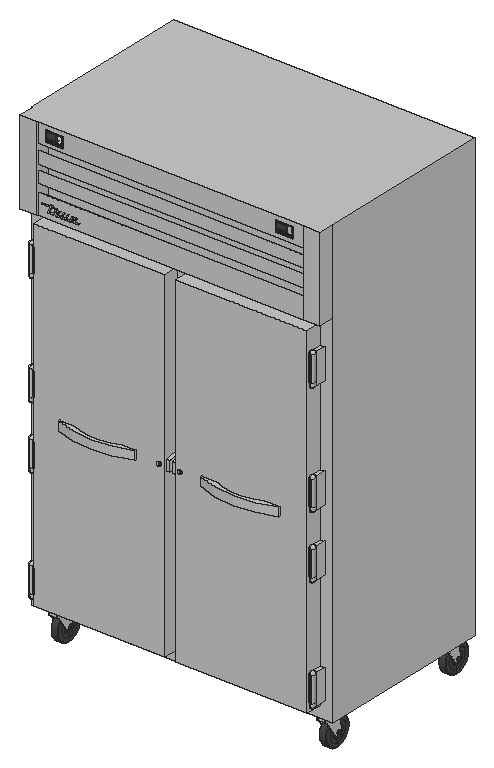
Revit family "QF_TRUE_STG2DT-2S", category Specialty Equipment, Revit 2012
Parameters
  Weight in Pounds = 0
  Watts = Volts * FL Amps  # 1334 W
  Volts = 115 V
  URL Cutsheet = "www.truemfg.com"
  URL = "www.truemfg.com"
  Type Mark [instance] = ""
  Type Comments = ""
  Status [instance] = ""
  Specification by User [instance] = ""
  Specification by Manufacturer = ""
  Show Seismic Flanged [instance] = no
  Show Logo [instance] = yes
  Show Legs [instance] = no
  Show Clearance [instance] = yes
  Serial Number = ""
  Seismic Rating = ""
  Seismic Plate [instance] = and(Show Seismic Flanged, not(Show Casters))  # no
  SMACNA No = ""
  Revision Code [instance] = ""
  Phase = 1
  Omniclass Number and Title = ""
  Number of Poles [instance] = 1
  NAFEM Spec ID Number = ""
  Model = "STG2DT-2S"
  Min Ckt Ampacity = 0 A
  Max Overcurrent Protection = 0 A
  Masterspec = ""
  Manufacturer = "TRUE FOOD SERVICE EQUIPMENT, INC."
  Length = 52 5/8"
  Legs [instance] = or(Show Legs, Show Seismic Flanged)  # no
  Item Number [instance] = ""
  Installed By [instance] = ""
  Identify Quantity as Lot [instance] = yes
  Height = 77 3/4"
  HP = ""
  Furnished By [instance] = ""
  Foodservice Equipment Identifier [instance] = yes
  FL Amps = 11.6 A
  Electrical Remarks [instance] = ""
  Electric Connection Type [instance] = ""
  Elec Conn RI Height [instance] = 0"
  Elec Conn Connection Height [instance] = 0"
  Description = "REACH-IN SOLID SWING DOOR DUAL TEMPERATURE REFRIGERATOR/FREEZER WITH LED LIGHTING"
  Depth = 33 3/4"
  Cycle = 60 Hz
  Conn Plug = "5-20P"
  Conn Conduit = yes
  Show Casters [instance] = and(not(if(Show Legs, Show Legs, Show Legs)), not(if(Show Legs, Show Legs, Show Seismic Flanged)))  # yes
  CSI MasterFormat = ""
  CSI Master Format = ""
  Apparent Power = if(Phase = 3, Volts * FL Amps * 1.73, Volts * FL Amps)  # 1334 VA
Reference planes (in)
  plane 1 "BACK": y = 0
  plane 2: z = 0
  plane 3 "LEFT": x = 0
  plane 4 "RIGHT": x = 52.625
  plane 5 "FRONT": y = -33.75
  plane 6 "TOP": z = 84.125
  plane 7: z = 6.125
  plane 8: x = 26.3125
  plane 9: x = 3
  plane 10: y = -33.7042
  plane 11: x = 26.46875
  plane 12: y = -56.78125
Forms (in)
  Extrusion 1, solid, material "QF_Finishes_Stainless Steel"
    sketch origin (0.05, 0, 0) x (1, 0, 0) y (0, 1, 0)
      loop
        line (-0.05, 0) -> (-0.05, -31) -> (2.35625, -31) -> (2.35625, 0) -> (-0.05, 0)
    from 6.125 to 84.125
  Extrusion 2, solid, material "QF_Finishes_Stainless Steel"
    sketch origin (50.15, 0, 0) x (1, 0, 0) y (0, 1, 0)
      loop
        line (0.225, 0) -> (0.225, -31) -> (2.475, -31) -> (2.475, 0) -> (0.225, 0)
    from 6.125 to 84.125
  Extrusion 3, solid, material "QF_Finishes_Stainless Steel"
    sketch origin (0, 0, 0) x (0, 1, 0) y (0, 0, 1)
      loop
        line (-33.7042, 69.5) -> (-31, 69.5) -> (-31, 6.125) -> (0, 6.125) -> (0, 84.125) -> (-33.7042, 84.125) -> (-33.7042, 80.78078) -> (-31.5, 79.21352) -> (-31.5, 78.09125) -> (-33.7042, 79.65851) -> (-33.7042, 77.5248) -> (-31.5, 75.95754) -> (-31.5, 74.99678) -> (-33.7042, 76.56404) -> (-33.7042, 74.46784) -> (-31.5, 72.90057) -> (-31.5, 71.625) -> (-33.7042, 73.19226) -> (-33.7042, 69.5)
    from 2.25 to 50.375
  Extrusion 4, solid, material "QF_Finishes_Stainless Steel"
    sketch origin (0, 0, 0) x (1, 0, 0) y (0, 1, 0)
      loop
        line (52.54687, -31) -> (49.66032, -31) -> (49.66032, -33.75) -> (52.54687, -33.75) -> (52.54687, -31)
    from 69.5 to 84.125
  Extrusion 5, solid, material "QF_Finishes_Stainless Steel"
    sketch origin (-50.125, 0, 0.25) x (1, 0, 0) y (0, 1, 0)
      loop
        line (53.20984, -31) -> (50.20312, -31) -> (50.20312, -33.75) -> (53.20984, -33.75) -> (53.20984, -31)
    from 69.25 to 83.875
  Extrusion 6, solid, material "QF_Finishes_Stainless Steel"
    sketch origin (0, 0, -0.71875) x (1, 0, 0) y (0, 0, 1)
      loop
        line (2.4375, 68.6875) -> (2.4375, 8.75) -> (25.375, 8.75) -> (25.375, 68.6875) -> (2.4375, 68.6875)
      loop
        line (50.34375, 68.6875) -> (27.40625, 68.6875) -> (27.40625, 8.75) -> (50.34375, 8.75) -> (50.34375, 68.6875)
    from 31 to 33.75
  Extrusion 7, solid, material "QF_Finishes_Stainless Steel"
    sketch origin (85.79375, -0.25, 26.37269) x (1, 0, 0) y (0, 1, 0)
      loop
        line (-53.875, -33.5) -> (-53.875, -33.7)
        arc (-53.875, -33.7) -> (-47.075, -35.14405) -> (-40.275, -33.7) r 16.7325
        line (-40.275, -33.7) -> (-40.275, -33.5) -> (-42.675, -33.5)
        arc (-42.675, -33.5) -> (-47.075, -34.65816) -> (-51.475, -33.5) r 8.93715
        line (-51.475, -33.5) -> (-53.875, -33.5)
    from 10.87731 to 12.37731
  Extrusion 8, solid, material "QF_Finishes_Stainless Steel"
    sketch origin (1.75, 0, -2) x (1, 0, 0) y (0, 0, 1)
      loop
        circle (22.6875, 40.0625) r 0.35
      loop
        line (22.65235, 40.33635) -> (22.65235, 39.76895) -> (22.70785, 39.76895) -> (22.70785, 40.33635) -> (22.65235, 40.33635)
      loop
        circle (26.3125, 40.0625) r 0.35
      loop
        line (26.34765, 40.33635) -> (26.29215, 40.33635) -> (26.29215, 39.76895) -> (26.34765, 39.76895) -> (26.34765, 40.33635)
    from 33.5 to 33.83066
  Extrusion 9, solid, material "QF_Finishes_Stainless Steel", visible <- "Show Logo"
    sketch origin (0.33478, 1.08173, -6.73143) x (1, 0, 0) y (0, 0, 1)
      loop
        line (3.61669, 78.46231) -> (3.51103, 78.23573) -> (4.91652, 78.23573)
        arc (4.91652, 78.23573) -> (4.94504, 78.18528) -> (4.91652, 78.13484) r 0.05887
        line (4.91652, 78.13484) -> (4.54994, 77.34872)
        arc (4.54994, 77.34872) -> (4.54676, 77.27591) -> (4.596, 77.22217) r 0.09523
        line (4.596, 77.22217) -> (5.49469, 77.22217)
        arc (5.49469, 77.22217) -> (5.60817, 77.25795) -> (5.68061, 77.35235) r 0.19785
        line (5.68061, 77.35235) -> (5.9691, 77.97101) -> (6.23415, 77.97101)
        arc (6.23415, 77.97101) -> (6.30369, 77.94543) -> (6.29362, 77.87203) r 0.05911
        line (6.29362, 77.87203) -> (6.05223, 77.35437)
        arc (6.05223, 77.35437) -> (6.05599, 77.2684) -> (6.12856, 77.22217) r 0.09318
        line (6.12856, 77.22217) -> (6.91823, 77.22217)
        arc (6.91823, 77.22217) -> (6.97874, 77.24419) -> (7.01093, 77.29995) r 0.09412
        arc (7.01093, 77.29995) -> (7.03371, 77.24495) -> (7.08871, 77.22217) r 0.07778
        line (7.08871, 77.22217) -> (7.58871, 77.22217)
        arc (7.58871, 77.22217) -> (7.64647, 77.23765) -> (7.68876, 77.27993) r 0.11552
        arc (7.68876, 77.27993) -> (7.709, 77.23106) -> (7.75787, 77.21081) r 0.06912
        line (7.75787, 77.21081) -> (8.4685, 77.21081)
        arc (8.4685, 77.21081) -> (8.52659, 77.23488) -> (8.55066, 77.29297) r 0.08216
        arc (8.55066, 77.29297) -> (8.60392, 77.23972) -> (8.67667, 77.22022) r 0.14551
        line (8.67667, 77.22022) -> (10.00783, 77.22022) -> (10.15571, 77.47634) -> (8.81303, 77.47634)
        arc (8.81303, 77.47634) -> (8.77597, 77.50204) -> (8.77459, 77.54711) r 0.05009
        line (8.77459, 77.54711) -> (8.79782, 77.59692)
        arc (8.79782, 77.59692) -> (8.83348, 77.64364) -> (8.88952, 77.66135) r 0.09747
        line (8.88952, 77.66135) -> (9.3211, 77.66135)
        arc (9.3211, 77.66135) -> (9.41425, 77.68631) -> (9.48244, 77.7545) r 0.1863
        line (9.48244, 77.7545) -> (9.60744, 77.97101)
        arc (9.60744, 77.97101) -> (9.60744, 78.08657) -> (9.50736, 78.14434) r 0.11556
        line (9.50736, 78.14434) -> (9.05187, 78.14434)
        arc (9.05187, 78.14434) -> (8.93575, 78.12462) -> (8.85474, 78.03912) r 0.18605
        line (8.85474, 78.03912) -> (8.63829, 77.57493)
        arc (8.63829, 77.57493) -> (8.5744, 77.49167) -> (8.47431, 77.46011) r 0.1745
        line (8.47431, 77.46011) -> (8.00184, 77.46011)
        arc (8.00184, 77.46011) -> (7.94528, 77.52184) -> (7.94893, 77.60548) r 0.10939
        line (7.94893, 77.60548) -> (8.2002, 78.14434) -> (8.04028, 78.14434) -> (7.77406, 77.57344)
        arc (7.77406, 77.57344) -> (7.72234, 77.50603) -> (7.6413, 77.48048) r 0.14128
        line (7.6413, 77.48048) -> (7.3155, 77.48048)
        arc (7.3155, 77.48048) -> (7.26044, 77.55223) -> (7.27225, 77.64189) r 0.11816
        line (7.27225, 77.64189) -> (7.50655, 78.14434) -> (7.34139, 78.14434) -> (7.07171, 77.566)
        arc (7.07171, 77.566) -> (7.0091, 77.50339) -> (6.92358, 77.48048) r 0.17104
        line (6.92358, 77.48048) -> (6.4518, 77.48048)
        arc (6.4518, 77.48048) -> (6.36707, 77.51999) -> (6.35892, 77.61313) r 0.0935
        line (6.35892, 77.61313) -> (6.51399, 77.94569) -> (6.7332, 77.94569)
        arc (6.7332, 77.94569) -> (6.7702, 78.05717) -> (6.84892, 78.14434) r 0.2857
        line (6.84892, 78.14434) -> (5.9923, 78.14434)
        arc (5.9923, 78.14434) -> (5.89711, 78.12324) -> (5.83123, 78.05135) r 0.16212
        line (5.83123, 78.05135) -> (5.59904, 77.55341)
        arc (5.59904, 77.55341) -> (5.54565, 77.50002) -> (5.47272, 77.48048) r 0.14586
        line (5.47272, 77.48048) -> (4.96131, 77.48048)
        arc (4.96131, 77.48048) -> (4.92139, 77.53442) -> (4.92899, 77.60109) r 0.09155
        line (4.92899, 77.60109) -> (5.26643, 78.23573) -> (6.1178, 78.23573) -> (6.22346, 78.46231) -> (5.37209, 78.46231) -> (5.47774, 78.68888) -> (5.17487, 78.68888) -> (5.06922, 78.46231) -> (3.61669, 78.46231)
      loop
        arc (8.9943, 77.93863) -> (8.95744, 77.92875) -> (8.93045, 77.90176) r 0.07373
        line (8.93045, 77.90176) -> (8.90854, 77.83436)
        arc (8.90854, 77.83436) -> (8.9187, 77.80983) -> (8.94324, 77.79966) r 0.0347
        line (8.94324, 77.79966) -> (9.31573, 77.79966)
        arc (9.31573, 77.79966) -> (9.34257, 77.80561) -> (9.36437, 77.82234) r 0.0635
        line (9.36437, 77.82234) -> (9.38249, 77.90622)
        arc (9.38249, 77.90622) -> (9.37716, 77.92868) -> (9.35634, 77.93863) r 0.02676
        line (9.35634, 77.93863) -> (8.9943, 77.93863)
    from 34.76797 to 34.83173
  Extrusion 10, solid, material "QF_Finishes_Stainless Steel"
    sketch origin (0, 0, 0) x (1, 0, 0) y (0, 0, 1)
      loop
        circle (49.53125, 82) r 0.25
    from 0 to 0.0625
  Extrusion 11, solid, material "QF_Finishes_Stainless Steel"
    sketch origin (-33.325, -0.25, 26.37269) x (1, 0, 0) y (0, 1, 0)
      loop
        line (53.71875, -33.5) -> (51.31875, -33.5)
        arc (51.31875, -33.5) -> (47.075, -34.58228) -> (42.83125, -33.5) r 8.86127
        line (42.83125, -33.5) -> (40.43125, -33.5) -> (40.43125, -33.7)
        arc (40.43125, -33.7) -> (47.075, -35.08117) -> (53.71875, -33.7) r 16.66961
        line (53.71875, -33.7) -> (53.71875, -33.5)
    from 10.87731 to 12.37731
  Blend 12, solid, material "QF_Finishes_Stainless Steel"
    base sketch origin (0.125, 0, 0) x (1, 0, 0) y (0, 0, 1)
      loop
        line (25.25, 38.99169) -> (25.25, 37.24169) -> (26, 37.24169) -> (26, 38.99169) -> (25.25, 38.99169)
    top sketch origin (0.125, 0, 0) x (1, 0, 0) y (0, 0, 1)
      loop
        line (26.18223, 36.6441) -> (26.18223, 39.42643) -> (25.25, 39.42643) -> (25.25, 36.6441) -> (26.18223, 36.6441)
    from 33.57883 to 31
  Blend 13, solid, material "QF_Finishes_Stainless Steel"
    base sketch origin (52.65625, 0, 0) x (-1, 0, 0) y (0, 0, -1)
      loop
        line (25.25, -38.99169) -> (26, -38.99169) -> (26, -37.24169) -> (25.25, -37.24169) -> (25.25, -38.99169)
    top sketch origin (52.65625, 0, 0) x (-1, 0, 0) y (0, 0, -1)
      loop
        line (26.18223, -36.6441) -> (25.25, -36.6441) -> (25.25, -39.42643) -> (26.18223, -39.42643) -> (26.18223, -36.6441)
    from 33.57883 to 31
  Extrusion 14, solid, material "QF_Finishes_Stainless Steel"
    sketch origin (1.28125, 0, 0) x (0, 1, 0) y (0, 0, 1)
      loop
        line (-31, 64.55229) -> (-32.61044, 64.55229)
        arc (-32.61044, 64.55229) -> (-32.75506, 64.49238) -> (-32.81497, 64.34776) r 0.20453
        line (-32.81497, 64.34776) -> (-32.81497, 59.94848) -> (-33.25, 59.94848) -> (-33.25, 59.23627) -> (-31, 59.23627) -> (-31, 64.55229)
    from 0.17506 to 1
  Revolve 15, solid, material "QF_Finishes_Stainless Steel"
    sketch origin (1.78125, 0, 0) x (0, 1, 0) y (0, 0, 1)
      loop
        line (-33.26563, 60.00189) -> (-33.26563, 64.81483)
        arc (-33.26563, 64.81483) -> (-33.53722, 64.72557) -> (-33.67229, 64.4736) r 0.3848
        line (-33.67229, 64.4736) -> (-33.67229, 60.00189) -> (-33.26563, 60.00189)
      loop
        line (-33.26563, 59.94848) -> (-33.67229, 59.94848) -> (-33.67229, 59.37712)
        arc (-33.67229, 59.37712) -> (-33.53264, 59.13383) -> (-33.26563, 59.04781) r 0.38884
        line (-33.26563, 59.04781) -> (-33.26563, 59.94848)
      axis (-33.26563, 59.04781) -> (-33.26563, 64.81483)
    angle from 0 to 360
  Extrusion 16, solid, material "QF_Finishes_Stainless Steel"
    sketch origin (-0.03125, 0, 0) x (1, 0, 0) y (0, 0, 1)
      loop
        line (2.07116, 64.4736) -> (2.07116, 60.00079) -> (2.46875, 60.00079) -> (2.46875, 64.4736) -> (2.07116, 64.4736)
    from 32.81497 to 33.59495
  Extrusion 17, solid, material "QF_Finishes_Stainless Steel"
    sketch origin (1.28125, 0, -19.5) x (0, 1, 0) y (0, 0, 1)
      loop
        line (-31, 64.55229) -> (-32.61044, 64.55229)
        arc (-32.61044, 64.55229) -> (-32.75506, 64.49238) -> (-32.81497, 64.34776) r 0.20453
        line (-32.81497, 64.34776) -> (-32.81497, 59.94848) -> (-33.25, 59.94848) -> (-33.25, 59.23627) -> (-31, 59.23627) -> (-31, 64.55229)
    from 0.17506 to 1
  Revolve 18, solid, material "QF_Finishes_Stainless Steel"
    sketch origin (1.78125, 0, -19.5) x (0, 1, 0) y (0, 0, 1)
      loop
        line (-33.26563, 60.00189) -> (-33.26563, 64.81483)
        arc (-33.26563, 64.81483) -> (-33.53722, 64.72557) -> (-33.67229, 64.4736) r 0.3848
        line (-33.67229, 64.4736) -> (-33.67229, 60.00189) -> (-33.26563, 60.00189)
      loop
        line (-33.26563, 59.94848) -> (-33.67229, 59.94848) -> (-33.67229, 59.37712)
        arc (-33.67229, 59.37712) -> (-33.53264, 59.13383) -> (-33.26563, 59.04781) r 0.38884
        line (-33.26563, 59.04781) -> (-33.26563, 59.94848)
      axis (-33.26563, 59.04781) -> (-33.26563, 64.81483)
    angle from 0 to 360
  Extrusion 19, solid, material "QF_Finishes_Stainless Steel"
    sketch origin (-0.03125, 0, -19.5) x (1, 0, 0) y (0, 0, 1)
      loop
        line (2.07116, 64.4736) -> (2.07116, 60.00079) -> (2.46875, 60.00079) -> (2.46875, 64.4736) -> (2.07116, 64.4736)
    from 32.81497 to 33.59495
  Extrusion 20, solid, material "QF_Finishes_Stainless Steel"
    sketch origin (1.28125, 0, -30.5) x (0, 1, 0) y (0, 0, 1)
      loop
        line (-31, 64.55229) -> (-32.61044, 64.55229)
        arc (-32.61044, 64.55229) -> (-32.75506, 64.49238) -> (-32.81497, 64.34776) r 0.20453
        line (-32.81497, 64.34776) -> (-32.81497, 59.94848) -> (-33.25, 59.94848) -> (-33.25, 59.23627) -> (-31, 59.23627) -> (-31, 64.55229)
    from 0.17506 to 1
  Revolve 21, solid, material "QF_Finishes_Stainless Steel"
    sketch origin (1.78125, 0, -30.5) x (0, 1, 0) y (0, 0, 1)
      loop
        line (-33.26563, 60.00189) -> (-33.26563, 64.81483)
        arc (-33.26563, 64.81483) -> (-33.53722, 64.72557) -> (-33.67229, 64.4736) r 0.3848
        line (-33.67229, 64.4736) -> (-33.67229, 60.00189) -> (-33.26563, 60.00189)
      loop
        line (-33.26563, 59.94848) -> (-33.67229, 59.94848) -> (-33.67229, 59.37712)
        arc (-33.67229, 59.37712) -> (-33.53264, 59.13383) -> (-33.26563, 59.04781) r 0.38884
        line (-33.26563, 59.04781) -> (-33.26563, 59.94848)
      axis (-33.26563, 59.04781) -> (-33.26563, 64.81483)
    angle from 0 to 360
  Extrusion 22, solid, material "QF_Finishes_Stainless Steel"
    sketch origin (-0.03125, 0, -30.5) x (1, 0, 0) y (0, 0, 1)
      loop
        line (2.07116, 64.4736) -> (2.07116, 60.00079) -> (2.46875, 60.00079) -> (2.46875, 64.4736) -> (2.07116, 64.4736)
    from 32.81497 to 33.59495
  Extrusion 23, solid, material "QF_Finishes_Stainless Steel"
    sketch origin (1.28125, 0, -50.25) x (0, 1, 0) y (0, 0, 1)
      loop
        line (-31, 64.55229) -> (-32.61044, 64.55229)
        arc (-32.61044, 64.55229) -> (-32.75506, 64.49238) -> (-32.81497, 64.34776) r 0.20453
        line (-32.81497, 64.34776) -> (-32.81497, 59.94848) -> (-33.25, 59.94848) -> (-33.25, 59.23627) -> (-31, 59.23627) -> (-31, 64.55229)
    from 0.17506 to 1
  Revolve 24, solid, material "QF_Finishes_Stainless Steel"
    sketch origin (1.78125, 0, -50.25) x (0, 1, 0) y (0, 0, 1)
      loop
        line (-33.26563, 60.00189) -> (-33.26563, 64.81483)
        arc (-33.26563, 64.81483) -> (-33.53722, 64.72557) -> (-33.67229, 64.4736) r 0.3848
        line (-33.67229, 64.4736) -> (-33.67229, 60.00189) -> (-33.26563, 60.00189)
      loop
        line (-33.26563, 59.94848) -> (-33.67229, 59.94848) -> (-33.67229, 59.37712)
        arc (-33.67229, 59.37712) -> (-33.53264, 59.13383) -> (-33.26563, 59.04781) r 0.38884
        line (-33.26563, 59.04781) -> (-33.26563, 59.94848)
      axis (-33.26563, 59.04781) -> (-33.26563, 64.81483)
    angle from 0 to 360
  Extrusion 25, solid, material "QF_Finishes_Stainless Steel"
    sketch origin (-0.03125, 0, -50.25) x (1, 0, 0) y (0, 0, 1)
      loop
        line (2.07116, 64.4736) -> (2.07116, 60.00079) -> (2.46875, 60.00079) -> (2.46875, 64.4736) -> (2.07116, 64.4736)
    from 32.81497 to 33.59495
  Extrusion 26, solid, material "QF_Finishes_Stainless Steel"
    sketch origin (51.34375, 0, 0) x (0, 1, 0) y (0, 0, -1)
      loop
        line (-31, -64.55229) -> (-31, -59.23627) -> (-33.25, -59.23627) -> (-33.25, -59.94848) -> (-32.81497, -59.94848) -> (-32.81497, -64.34776)
        arc (-32.81497, -64.34776) -> (-32.75506, -64.49238) -> (-32.61044, -64.55229) r 0.20453
        line (-32.61044, -64.55229) -> (-31, -64.55229)
    from 0.17506 to 1
  Revolve 27, solid, material "QF_Finishes_Stainless Steel"
    sketch origin (50.84375, 0, 0) x (0, 1, 0) y (0, 0, -1)
      loop
        line (-33.26563, -60.00189) -> (-33.67229, -60.00189) -> (-33.67229, -64.4736)
        arc (-33.67229, -64.4736) -> (-33.53722, -64.72557) -> (-33.26563, -64.81483) r 0.3848
        line (-33.26563, -64.81483) -> (-33.26563, -60.00189)
      loop
        line (-33.26563, -59.94848) -> (-33.26563, -59.04781)
        arc (-33.26563, -59.04781) -> (-33.53264, -59.13383) -> (-33.67229, -59.37712) r 0.38884
        line (-33.67229, -59.37712) -> (-33.67229, -59.94848) -> (-33.26563, -59.94848)
      axis (-33.26563, -59.04781) -> (-33.26563, -64.81483)
    angle from 0 to 360
  Extrusion 28, solid, material "QF_Finishes_Stainless Steel"
    sketch origin (52.65625, 0, 0) x (-1, 0, 0) y (0, 0, -1)
      loop
        line (1.75866, -64.4736) -> (2.15625, -64.4736) -> (2.15625, -60.00079) -> (1.75866, -60.00079) -> (1.75866, -64.4736)
    from 32.81497 to 33.59495
  Extrusion 29, solid, material "QF_Finishes_Stainless Steel"
    sketch origin (51.34375, 0, -19.5) x (0, 1, 0) y (0, 0, -1)
      loop
        line (-31, -64.55229) -> (-31, -59.23627) -> (-33.25, -59.23627) -> (-33.25, -59.94848) -> (-32.81497, -59.94848) -> (-32.81497, -64.34776)
        arc (-32.81497, -64.34776) -> (-32.75506, -64.49238) -> (-32.61044, -64.55229) r 0.20453
        line (-32.61044, -64.55229) -> (-31, -64.55229)
    from 0.17506 to 1
  Revolve 30, solid, material "QF_Finishes_Stainless Steel"
    sketch origin (50.84375, 0, -19.5) x (0, 1, 0) y (0, 0, -1)
      loop
        line (-33.26563, -60.00189) -> (-33.67229, -60.00189) -> (-33.67229, -64.4736)
        arc (-33.67229, -64.4736) -> (-33.53722, -64.72557) -> (-33.26563, -64.81483) r 0.3848
        line (-33.26563, -64.81483) -> (-33.26563, -60.00189)
      loop
        line (-33.26563, -59.94848) -> (-33.26563, -59.04781)
        arc (-33.26563, -59.04781) -> (-33.53264, -59.13383) -> (-33.67229, -59.37712) r 0.38884
        line (-33.67229, -59.37712) -> (-33.67229, -59.94848) -> (-33.26563, -59.94848)
      axis (-33.26563, -59.04781) -> (-33.26563, -64.81483)
    angle from 0 to 360
  Extrusion 31, solid, material "QF_Finishes_Stainless Steel"
    sketch origin (52.65625, 0, -19.5) x (-1, 0, 0) y (0, 0, -1)
      loop
        line (1.75866, -64.4736) -> (2.15625, -64.4736) -> (2.15625, -60.00079) -> (1.75866, -60.00079) -> (1.75866, -64.4736)
    from 32.81497 to 33.59495
  Extrusion 32, solid, material "QF_Finishes_Stainless Steel"
    sketch origin (51.34375, 0, -30.5) x (0, 1, 0) y (0, 0, -1)
      loop
        line (-31, -64.55229) -> (-31, -59.23627) -> (-33.25, -59.23627) -> (-33.25, -59.94848) -> (-32.81497, -59.94848) -> (-32.81497, -64.34776)
        arc (-32.81497, -64.34776) -> (-32.75506, -64.49238) -> (-32.61044, -64.55229) r 0.20453
        line (-32.61044, -64.55229) -> (-31, -64.55229)
    from 0.17506 to 1
  Revolve 33, solid, material "QF_Finishes_Stainless Steel"
    sketch origin (50.84375, 0, -30.5) x (0, 1, 0) y (0, 0, -1)
      loop
        line (-33.26563, -60.00189) -> (-33.67229, -60.00189) -> (-33.67229, -64.4736)
        arc (-33.67229, -64.4736) -> (-33.53722, -64.72557) -> (-33.26563, -64.81483) r 0.3848
        line (-33.26563, -64.81483) -> (-33.26563, -60.00189)
      loop
        line (-33.26563, -59.94848) -> (-33.26563, -59.04781)
        arc (-33.26563, -59.04781) -> (-33.53264, -59.13383) -> (-33.67229, -59.37712) r 0.38884
        line (-33.67229, -59.37712) -> (-33.67229, -59.94848) -> (-33.26563, -59.94848)
      axis (-33.26563, -59.04781) -> (-33.26563, -64.81483)
    angle from 0 to 360
  Extrusion 34, solid, material "QF_Finishes_Stainless Steel"
    sketch origin (52.65625, 0, -30.5) x (-1, 0, 0) y (0, 0, -1)
      loop
        line (1.75866, -64.4736) -> (2.15625, -64.4736) -> (2.15625, -60.00079) -> (1.75866, -60.00079) -> (1.75866, -64.4736)
    from 32.81497 to 33.59495
  Extrusion 35, solid, material "QF_Finishes_Stainless Steel"
    sketch origin (51.34375, 0, -50.25) x (0, 1, 0) y (0, 0, -1)
      loop
        line (-31, -64.55229) -> (-31, -59.23627) -> (-33.25, -59.23627) -> (-33.25, -59.94848) -> (-32.81497, -59.94848) -> (-32.81497, -64.34776)
        arc (-32.81497, -64.34776) -> (-32.75506, -64.49238) -> (-32.61044, -64.55229) r 0.20453
        line (-32.61044, -64.55229) -> (-31, -64.55229)
    from 0.17506 to 1
  Revolve 36, solid, material "QF_Finishes_Stainless Steel"
    sketch origin (50.84375, 0, -50.25) x (0, 1, 0) y (0, 0, -1)
      loop
        line (-33.26563, -60.00189) -> (-33.67229, -60.00189) -> (-33.67229, -64.4736)
        arc (-33.67229, -64.4736) -> (-33.53722, -64.72557) -> (-33.26563, -64.81483) r 0.3848
        line (-33.26563, -64.81483) -> (-33.26563, -60.00189)
      loop
        line (-33.26563, -59.94848) -> (-33.26563, -59.04781)
        arc (-33.26563, -59.04781) -> (-33.53264, -59.13383) -> (-33.67229, -59.37712) r 0.38884
        line (-33.67229, -59.37712) -> (-33.67229, -59.94848) -> (-33.26563, -59.94848)
      axis (-33.26563, -59.04781) -> (-33.26563, -64.81483)
    angle from 0 to 360
  Extrusion 37, solid, material "QF_Finishes_Stainless Steel"
    sketch origin (52.65625, 0, -50.25) x (-1, 0, 0) y (0, 0, -1)
      loop
        line (1.75866, -64.4736) -> (2.15625, -64.4736) -> (2.15625, -60.00079) -> (1.75866, -60.00079) -> (1.75866, -64.4736)
    from 32.81497 to 33.59495
  Revolve 38, solid, material "QF_Finishes_Black", visible <- "Show Casters"
    sketch origin (47.78125, -27.375, 0) x (1, 0, 0) y (0, 0, 1)
      loop
        line (1.63125, 5) -> (1.53125, 4.9) -> (1.53125, 4.29941) -> (1.69226, 4.29941) -> (1.69226, 3.54941) -> (1.53125, 3.54941) -> (1.53125, 2.79941) -> (1.13125, 2.79941) -> (1.13125, 2.5) -> (3.18125, 2.5) -> (3.18125, 2.79941) -> (2.78533, 2.79941) -> (2.78533, 3.54941) -> (2.62024, 3.54941) -> (2.62024, 4.29941) -> (2.78533, 4.29941) -> (2.78533, 4.89592) -> (2.68125, 5) -> (1.63125, 5)
      axis (3.18125, 2.5) -> (1.13125, 2.5)
    angle from 0 to 360
  Extrusion 39, solid, material "QF_Finishes_Stainless Steel", visible <- "Show Casters"
    sketch origin (47.78125, 0, 0) x (0, 1, 0) y (0, 0, 1)
      loop
        line (-29.95136, 5.48574) -> (-29.95136, 4.88089) -> (-29.70136, 4.88089) -> (-27.95216, 2.18736)
        arc (-27.95216, 2.18736) -> (-27.23883, 1.94868) -> (-26.84581, 2.59003) r 0.60416
        line (-26.84581, 2.59003) -> (-27.20136, 5.48574) -> (-29.95136, 5.48574)
      loop
        line (-3.8577, 5.48574) -> (-3.8577, 4.88089) -> (-3.6077, 4.88089) -> (-1.8585, 2.18736)
        arc (-1.8585, 2.18736) -> (-1.14517, 1.94868) -> (-0.75215, 2.59003) r 0.60416
        line (-0.75215, 2.59003) -> (-1.1077, 5.48574) -> (-3.8577, 5.48574)
    from 1.175 to 1.325
  Extrusion 40, solid, material "QF_Finishes_Stainless Steel", visible <- "Show Casters"
    sketch origin (49.28125, 0, 0) x (0, 1, 0) y (0, 0, 1)
      loop
        line (-29.95136, 5.48574) -> (-29.95136, 4.88089) -> (-29.70136, 4.88089) -> (-27.95216, 2.18736)
        arc (-27.95216, 2.18736) -> (-27.23883, 1.94868) -> (-26.84581, 2.59003) r 0.60416
        line (-26.84581, 2.59003) -> (-27.20136, 5.48574) -> (-29.95136, 5.48574)
      loop
        line (-3.8577, 5.48574) -> (-3.8577, 4.88089) -> (-3.6077, 4.88089) -> (-1.8585, 2.18736)
        arc (-1.8585, 2.18736) -> (-1.14517, 1.94868) -> (-0.75215, 2.59003) r 0.60416
        line (-0.75215, 2.59003) -> (-1.1077, 5.48574) -> (-3.8577, 5.48574)
    from 1.175 to 1.325
  Revolve 41, solid, material "QF_Finishes_Stainless Steel", visible <- "Show Casters"
    sketch origin (47.78125, -28.5625, -0.5) x (1, 0, 0) y (0, 0, 1)
      loop
        line (2.15625, 5.99546) -> (2.15625, 6.62359) -> (0.85918, 6.62359) -> (0.85918, 5.99546) -> (2.15625, 5.99546)
      axis (2.15625, 5.99546) -> (2.15625, 6.62359)
    angle from 0 to 360
  Revolve 42, solid, material "QF_Finishes_Stainless Steel", visible <- "Legs"
    sketch origin (47.78125, -2.69102, 0) x (1, 0, 0) y (0, 0, 1)
      loop
        line (2.15625, 6.125) -> (0.82287, 6.125) -> (1.40625, 1) -> (1.65625, 1) -> (1.65625, 0) -> (2.15625, 0) -> (2.15625, 6.125)
      axis (2.15625, 0) -> (2.15625, 6.125)
    angle from 0 to 360
  Revolve 43, solid, material "QF_Finishes_Stainless Steel", visible <- "Legs"
    sketch origin (47.78125, -28.65977, 0) x (1, 0, 0) y (0, 0, 1)
      loop
        line (2.15625, 6.125) -> (0.82287, 6.125) -> (1.40625, 1) -> (1.65625, 1) -> (1.65625, 0) -> (2.15625, 0) -> (2.15625, 6.125)
      axis (2.15625, 0) -> (2.15625, 6.125)
    angle from 0 to 360
  Revolve 44, solid, material "QF_Finishes_Stainless Steel", visible <- "Show Casters"
    sketch origin (47.78125, -2.70321, -0.5) x (1, 0, 0) y (0, 0, 1)
      loop
        line (2.15625, 5.99546) -> (2.15625, 6.62359) -> (0.85918, 6.62359) -> (0.85918, 5.99546) -> (2.15625, 5.99546)
      axis (2.15625, 5.99546) -> (2.15625, 6.62359)
    angle from 0 to 360
  Extrusion 45, solid, material "QF_Finishes_Stainless Steel", visible <- "Show Casters"
    sketch origin (0, 0, 0) x (0, 1, 0) y (0, 0, 1)
      loop
        line (-29.95136, 5.48574) -> (-29.95136, 4.88089) -> (-29.70136, 4.88089) -> (-27.16533, 5.19227) -> (-27.20136, 5.48574) -> (-29.95136, 5.48574)
      loop
        line (-3.8577, 5.48574) -> (-3.8577, 4.88089) -> (-3.6077, 4.88089) -> (-1.07167, 5.19227) -> (-1.1077, 5.48574) -> (-3.8577, 5.48574)
    from 49.10625 to 50.45625
  Revolve 46, solid, material "QF_Finishes_Black", visible <- "Show Casters"
    sketch origin (47.78125, -1.21875, 0) x (1, 0, 0) y (0, 0, 1)
      loop
        line (1.63125, 5) -> (1.53125, 4.9) -> (1.53125, 4.29941) -> (1.69226, 4.29941) -> (1.69226, 3.54941) -> (1.53125, 3.54941) -> (1.53125, 2.79941) -> (1.13125, 2.79941) -> (1.13125, 2.5) -> (3.18125, 2.5) -> (3.18125, 2.79941) -> (2.78533, 2.79941) -> (2.78533, 3.54941) -> (2.62024, 3.54941) -> (2.62024, 4.29941) -> (2.78533, 4.29941) -> (2.78533, 4.89592) -> (2.68125, 5) -> (1.63125, 5)
      axis (3.18125, 2.5) -> (1.13125, 2.5)
    angle from 0 to 360
  Revolve 47, solid, material "QF_Finishes_Black", visible <- "Show Casters"
    sketch origin (0.84375, -27.375, 0) x (1, 0, 0) y (0, 0, 1)
      loop
        line (1.63125, 5) -> (1.53125, 4.9) -> (1.53125, 4.29941) -> (1.69226, 4.29941) -> (1.69226, 3.54941) -> (1.53125, 3.54941) -> (1.53125, 2.79941) -> (0.975, 2.79941) -> (0.975, 2.5) -> (3.18125, 2.5) -> (3.18125, 2.79941) -> (2.78533, 2.79941) -> (2.78533, 3.54941) -> (2.62024, 3.54941) -> (2.62024, 4.29941) -> (2.78533, 4.29941) -> (2.78533, 4.89592) -> (2.68125, 5) -> (1.63125, 5)
      axis (3.18125, 2.5) -> (0.975, 2.5)
    angle from 0 to 360
  Extrusion 48, solid, material "QF_Finishes_Stainless Steel", visible <- "Show Casters"
    sketch origin (0.84375, 0, 0) x (0, 1, 0) y (0, 0, 1)
      loop
        line (-29.95136, 5.48574) -> (-29.95136, 4.88089) -> (-29.70136, 4.88089) -> (-27.95216, 2.18736)
        arc (-27.95216, 2.18736) -> (-27.23883, 1.94868) -> (-26.84581, 2.59003) r 0.60416
        line (-26.84581, 2.59003) -> (-27.20136, 5.48574) -> (-29.95136, 5.48574)
      loop
        line (-3.8577, 5.48574) -> (-3.8577, 4.88089) -> (-3.6077, 4.88089) -> (-1.8585, 2.18736)
        arc (-1.8585, 2.18736) -> (-1.14517, 1.94868) -> (-0.75215, 2.59003) r 0.60416
        line (-0.75215, 2.59003) -> (-1.1077, 5.48574) -> (-3.8577, 5.48574)
    from 1.175 to 1.325
  Extrusion 49, solid, material "QF_Finishes_Stainless Steel", visible <- "Show Casters"
    sketch origin (2.34375, 0, 0) x (0, 1, 0) y (0, 0, 1)
      loop
        line (-29.95136, 5.48574) -> (-29.95136, 4.88089) -> (-29.70136, 4.88089) -> (-27.95216, 2.18736)
        arc (-27.95216, 2.18736) -> (-27.23883, 1.94868) -> (-26.84581, 2.59003) r 0.60416
        line (-26.84581, 2.59003) -> (-27.20136, 5.48574) -> (-29.95136, 5.48574)
      loop
        line (-3.8577, 5.48574) -> (-3.8577, 4.88089) -> (-3.6077, 4.88089) -> (-1.8585, 2.18736)
        arc (-1.8585, 2.18736) -> (-1.14517, 1.94868) -> (-0.75215, 2.59003) r 0.60416
        line (-0.75215, 2.59003) -> (-1.1077, 5.48574) -> (-3.8577, 5.48574)
    from 1.175 to 1.325
  Revolve 50, solid, material "QF_Finishes_Stainless Steel", visible <- "Show Casters"
    sketch origin (0.84375, -28.5625, -0.5) x (1, 0, 0) y (0, 0, 1)
      loop
        line (2.15625, 5.99546) -> (2.15625, 6.62359) -> (0.85918, 6.62359) -> (0.85918, 5.99546) -> (2.15625, 5.99546)
      axis (2.15625, 5.99546) -> (2.15625, 6.62359)
    angle from 0 to 360
  Revolve 51, solid, material "QF_Finishes_Stainless Steel", visible <- "Legs"
    sketch origin (0.84375, -2.69102, 0) x (1, 0, 0) y (0, 0, 1)
      loop
        line (2.15625, 6.125) -> (0.82287, 6.125) -> (1.40625, 1) -> (1.65625, 1) -> (1.65625, 0) -> (2.15625, 0) -> (2.15625, 6.125)
      axis (2.15625, 0) -> (2.15625, 6.125)
    angle from 0 to 360
  Revolve 52, solid, material "QF_Finishes_Stainless Steel", visible <- "Legs"
    sketch origin (0.84375, -28.65977, 0) x (1, 0, 0) y (0, 0, 1)
      loop
        line (2.15625, 6.125) -> (0.82287, 6.125) -> (1.40625, 1) -> (1.65625, 1) -> (1.65625, 0) -> (2.15625, 0) -> (2.15625, 6.125)
      axis (2.15625, 0) -> (2.15625, 6.125)
    angle from 0 to 360
  Revolve 53, solid, material "QF_Finishes_Stainless Steel", visible <- "Show Casters"
    sketch origin (0.84375, -2.70321, -0.5) x (1, 0, 0) y (0, 0, 1)
      loop
        line (2.15625, 5.99546) -> (2.15625, 6.62359) -> (0.85918, 6.62359) -> (0.85918, 5.99546) -> (2.15625, 5.99546)
      axis (2.15625, 5.99546) -> (2.15625, 6.62359)
    angle from 0 to 360
  Extrusion 54, solid, material "QF_Finishes_Stainless Steel", visible <- "Show Casters"
    sketch origin (-46.9375, 0, 0) x (0, 1, 0) y (0, 0, 1)
      loop
        line (-29.95136, 5.48574) -> (-29.95136, 4.88089) -> (-29.70136, 4.88089) -> (-27.16533, 5.19227) -> (-27.20136, 5.48574) -> (-29.95136, 5.48574)
      loop
        line (-3.8577, 5.48574) -> (-3.8577, 4.88089) -> (-3.6077, 4.88089) -> (-1.07167, 5.19227) -> (-1.1077, 5.48574) -> (-3.8577, 5.48574)
    from 49.10625 to 50.45625
  Revolve 55, solid, material "QF_Finishes_Black", visible <- "Show Casters"
    sketch origin (0.84375, -1.21875, 0) x (1, 0, 0) y (0, 0, 1)
      loop
        line (1.63125, 5) -> (1.53125, 4.9) -> (1.53125, 4.29941) -> (1.69226, 4.29941) -> (1.69226, 3.54941) -> (1.53125, 3.54941) -> (1.53125, 2.79941) -> (0.975, 2.79941) -> (0.975, 2.5) -> (3.18125, 2.5) -> (3.18125, 2.79941) -> (2.78533, 2.79941) -> (2.78533, 3.54941) -> (2.62024, 3.54941) -> (2.62024, 4.29941) -> (2.78533, 4.29941) -> (2.78533, 4.89592) -> (2.68125, 5) -> (1.63125, 5)
      axis (3.18125, 2.5) -> (0.975, 2.5)
    angle from 0 to 360
  Extrusion 56, solid, material "QF_Finishes_White"
    sketch origin (1.49925, 1.06376, 1.58022) x (1, 0, 0) y (0, 0, 1)
      loop
        line (43.31732, 81.73227) -> (43.31732, 79.98496) -> (46.22357, 79.98496) -> (46.22357, 81.73227) -> (43.31732, 81.73227)
    from 34.75 to 34.76797
  Extrusion 57, solid, material "QF_Finishes_Black"
    sketch origin (1.49925, 1.06376, 1.58022) x (1, 0, 0) y (0, 0, 1)
      loop
        line (46.28607, 81.79477) -> (43.25482, 81.79477) -> (43.25482, 79.92246) -> (46.28607, 79.92246) -> (46.28607, 81.79477)
      loop
        spline (43.45482, 80.25372) -> (43.46333, 80.23754) -> (43.48831, 80.22247) -> (43.52804, 80.20952) -> (43.57982, 80.19959) -> (43.64011, 80.19335) -> (43.70482, 80.19122) -> (43.76952, 80.19335) -> (43.82982, 80.19959) -> (43.88159, 80.20952) -> (43.92132, 80.22247) -> (43.9463, 80.23754) -> (43.95482, 80.25372)
        spline (43.95482, 80.25372) -> (43.9463, 80.26989) -> (43.92132, 80.28497) -> (43.88159, 80.29791) -> (43.82982, 80.30784) -> (43.76952, 80.31409) -> (43.70482, 80.31622) -> (43.64011, 80.31409) -> (43.57982, 80.30784) -> (43.52804, 80.29791) -> (43.48831, 80.28497) -> (43.46333, 80.26989) -> (43.45482, 80.25372)
      loop
        spline (44.15083, 80.25372) -> (44.15935, 80.23754) -> (44.18432, 80.22247) -> (44.22405, 80.20952) -> (44.27583, 80.19959) -> (44.33612, 80.19335) -> (44.40083, 80.19122) -> (44.46553, 80.19335) -> (44.52583, 80.19959) -> (44.57761, 80.20952) -> (44.61734, 80.22247) -> (44.64231, 80.23754) -> (44.65083, 80.25372)
        spline (44.65083, 80.25372) -> (44.64231, 80.26989) -> (44.61734, 80.28497) -> (44.57761, 80.29791) -> (44.52583, 80.30784) -> (44.46553, 80.31409) -> (44.40083, 80.31622) -> (44.33612, 80.31409) -> (44.27583, 80.30784) -> (44.22405, 80.29791) -> (44.18432, 80.28497) -> (44.15935, 80.26989) -> (44.15083, 80.25372)
      loop
        spline (44.90083, 80.25372) -> (44.90935, 80.23754) -> (44.93432, 80.22247) -> (44.97405, 80.20952) -> (45.02583, 80.19959) -> (45.08612, 80.19335) -> (45.15083, 80.19122) -> (45.21553, 80.19335) -> (45.27583, 80.19959) -> (45.32761, 80.20952) -> (45.36734, 80.22247) -> (45.39231, 80.23754) -> (45.40083, 80.25372)
        spline (45.40083, 80.25372) -> (45.39231, 80.26989) -> (45.36734, 80.28497) -> (45.32761, 80.29791) -> (45.27583, 80.30784) -> (45.21553, 80.31409) -> (45.15083, 80.31622) -> (45.08612, 80.31409) -> (45.02583, 80.30784) -> (44.97405, 80.29791) -> (44.93432, 80.28497) -> (44.90935, 80.26989) -> (44.90083, 80.25372)
      loop
        line (43.45481, 81.59478) -> (43.45481, 80.59478) -> (45.15433, 80.59478) -> (45.15433, 81.59478) -> (43.45481, 81.59478)
      loop
        line (46.22357, 81.73227) -> (43.31732, 81.73227) -> (43.31732, 79.98496) -> (46.22357, 79.98496) -> (46.22357, 81.73227)
      loop
        spline (45.65083, 80.25372) -> (45.65935, 80.23754) -> (45.68432, 80.22247) -> (45.72405, 80.20952) -> (45.77583, 80.19959) -> (45.83612, 80.19335) -> (45.90083, 80.19122) -> (45.96553, 80.19335) -> (46.02583, 80.19959) -> (46.07761, 80.20952) -> (46.11734, 80.22247) -> (46.14231, 80.23754) -> (46.15083, 80.25372)
        spline (46.15083, 80.25372) -> (46.14231, 80.26989) -> (46.11734, 80.28497) -> (46.07761, 80.29791) -> (46.02583, 80.30784) -> (45.96553, 80.31409) -> (45.90083, 80.31622) -> (45.83612, 80.31409) -> (45.77583, 80.30784) -> (45.72405, 80.29791) -> (45.68432, 80.28497) -> (45.65935, 80.26989) -> (45.65083, 80.25372)
    from 34.76797 to 34.80335
  Extrusion 58, solid, material "QF_Door-Drawer Clearances", visible <- "Show Clearance", detail levels coarse
    sketch origin (0.66534, -3.6098, 0) x (-1, 0, 0) y (0, -1, 0)
      loop
        line (-1.77216, 30.1402) -> (-1.77216, 53.17145)
        arc (-1.77216, 53.17145) -> (-17.98916, 46.38475) -> (-24.70966, 30.1402) r 23.0587
        line (-24.70966, 30.1402) -> (-1.77216, 30.1402)
      loop
        arc (-26.74091, 30.1402) -> (-33.45915, 46.35946) -> (-49.67841, 53.0777) r 22.9375
        line (-49.67841, 53.0777) -> (-49.67841, 30.1402) -> (-26.74091, 30.1402)
    from 8.0288 to 67.96875
  Extrusion 59, solid, material "QF_Finishes_Stainless Steel", visible <- "Seismic Plate"
    sketch origin (-0.22541, -26.96562, 0) x (1, 0, 0) y (0, 1, 0)
      loop
        circle (3.22541, -1.69416) r 1.5
    from 0 to 0.25
  Extrusion 60, solid, material "QF_Finishes_Stainless Steel", visible <- "Seismic Plate"
    sketch origin (-0.22541, -0.99687, 0) x (1, 0, 0) y (0, 1, 0)
      loop
        circle (3.22541, -1.69416) r 1.5
    from 0 to 0.25
  Extrusion 61, solid, material "QF_Finishes_Stainless Steel", visible <- "Seismic Plate"
    sketch origin (46.71209, -0.99687, 0) x (1, 0, 0) y (0, 1, 0)
      loop
        circle (3.22541, -1.69416) r 1.5
    from 0 to 0.25
  Extrusion 62, solid, material "QF_Finishes_Stainless Steel", visible <- "Seismic Plate"
    sketch origin (46.71209, -26.96562, 0) x (1, 0, 0) y (0, 1, 0)
      loop
        circle (3.22541, -1.69416) r 1.5
    from 0 to 0.25
  Extrusion 63, solid, material "QF_Finishes_White"
    sketch origin (-38.75075, 1.06376, 1.58022) x (1, 0, 0) y (0, 0, 1)
      loop
        line (43.31732, 81.73227) -> (43.31732, 79.98496) -> (46.22357, 79.98496) -> (46.22357, 81.73227) -> (43.31732, 81.73227)
    from 34.75 to 34.76797
  Extrusion 64, solid, material "QF_Finishes_Black"
    sketch origin (-38.75075, 1.06376, 1.58022) x (1, 0, 0) y (0, 0, 1)
      loop
        line (46.28607, 81.79477) -> (43.25482, 81.79477) -> (43.25482, 79.92246) -> (46.28607, 79.92246) -> (46.28607, 81.79477)
      loop
        spline (43.45482, 80.25372) -> (43.46333, 80.23754) -> (43.48831, 80.22247) -> (43.52804, 80.20952) -> (43.57982, 80.19959) -> (43.64011, 80.19335) -> (43.70482, 80.19122) -> (43.76952, 80.19335) -> (43.82982, 80.19959) -> (43.88159, 80.20952) -> (43.92132, 80.22247) -> (43.9463, 80.23754) -> (43.95482, 80.25372)
        spline (43.95482, 80.25372) -> (43.9463, 80.26989) -> (43.92132, 80.28497) -> (43.88159, 80.29791) -> (43.82982, 80.30784) -> (43.76952, 80.31409) -> (43.70482, 80.31622) -> (43.64011, 80.31409) -> (43.57982, 80.30784) -> (43.52804, 80.29791) -> (43.48831, 80.28497) -> (43.46333, 80.26989) -> (43.45482, 80.25372)
      loop
        spline (44.15083, 80.25372) -> (44.15935, 80.23754) -> (44.18432, 80.22247) -> (44.22405, 80.20952) -> (44.27583, 80.19959) -> (44.33612, 80.19335) -> (44.40083, 80.19122) -> (44.46553, 80.19335) -> (44.52583, 80.19959) -> (44.57761, 80.20952) -> (44.61734, 80.22247) -> (44.64231, 80.23754) -> (44.65083, 80.25372)
        spline (44.65083, 80.25372) -> (44.64231, 80.26989) -> (44.61734, 80.28497) -> (44.57761, 80.29791) -> (44.52583, 80.30784) -> (44.46553, 80.31409) -> (44.40083, 80.31622) -> (44.33612, 80.31409) -> (44.27583, 80.30784) -> (44.22405, 80.29791) -> (44.18432, 80.28497) -> (44.15935, 80.26989) -> (44.15083, 80.25372)
      loop
        spline (44.90083, 80.25372) -> (44.90935, 80.23754) -> (44.93432, 80.22247) -> (44.97405, 80.20952) -> (45.02583, 80.19959) -> (45.08612, 80.19335) -> (45.15083, 80.19122) -> (45.21553, 80.19335) -> (45.27583, 80.19959) -> (45.32761, 80.20952) -> (45.36734, 80.22247) -> (45.39231, 80.23754) -> (45.40083, 80.25372)
        spline (45.40083, 80.25372) -> (45.39231, 80.26989) -> (45.36734, 80.28497) -> (45.32761, 80.29791) -> (45.27583, 80.30784) -> (45.21553, 80.31409) -> (45.15083, 80.31622) -> (45.08612, 80.31409) -> (45.02583, 80.30784) -> (44.97405, 80.29791) -> (44.93432, 80.28497) -> (44.90935, 80.26989) -> (44.90083, 80.25372)
      loop
        line (43.45481, 81.59478) -> (43.45481, 80.59478) -> (45.15433, 80.59478) -> (45.15433, 81.59478) -> (43.45481, 81.59478)
      loop
        line (46.22357, 81.73227) -> (43.31732, 81.73227) -> (43.31732, 79.98496) -> (46.22357, 79.98496) -> (46.22357, 81.73227)
      loop
        spline (45.65083, 80.25372) -> (45.65935, 80.23754) -> (45.68432, 80.22247) -> (45.72405, 80.20952) -> (45.77583, 80.19959) -> (45.83612, 80.19335) -> (45.90083, 80.19122) -> (45.96553, 80.19335) -> (46.02583, 80.19959) -> (46.07761, 80.20952) -> (46.11734, 80.22247) -> (46.14231, 80.23754) -> (46.15083, 80.25372)
        spline (46.15083, 80.25372) -> (46.14231, 80.26989) -> (46.11734, 80.28497) -> (46.07761, 80.29791) -> (46.02583, 80.30784) -> (45.96553, 80.31409) -> (45.90083, 80.31622) -> (45.83612, 80.31409) -> (45.77583, 80.30784) -> (45.72405, 80.29791) -> (45.68432, 80.28497) -> (45.65935, 80.26989) -> (45.65083, 80.25372)
    from 34.76797 to 34.80335
Cuts and joins
  joined: Extrusion 1, Extrusion 2, Extrusion 3, Extrusion 4, Extrusion 5
  joined: Revolve 15, Extrusion 16
Lines and regions (in)
  symbolic lines
    curve 1: line (0, 0, 0) -> (52.625, 0, 0)
    curve 2: line (0, -33.75, 0) -> (0, 0, 0)
    curve 3: line (52.625, -33.75, 0) -> (0, -33.75, 0)
    curve 4: line (52.625, 0, 0) -> (52.625, -33.75, 0)
    curve 5: line (52.625, -31.5, 0) -> (0, -31.5, 0)
    curve 22: arc (43.075, -33.75, 0) -> (38.675, -34.90816, 0) -> (34.275, -33.75, 0) r 8.93715
    curve 23: arc (31.875, -33.95, 0) -> (38.675, -35.39405, 0) -> (45.475, -33.95, 0) r 16.7325
    curve 24: line (31.875, -33.75, 0) -> (31.875, -33.95, 0)
    curve 25: line (45.475, -33.95, 0) -> (45.475, -33.75, 0)
    curve 26: arc (18.06875, -33.75, 0) -> (13.825, -34.83228, 0) -> (9.58125, -33.75, 0) r 8.86127
    curve 27: arc (7.18125, -33.95, 0) -> (13.825, -35.33117, 0) -> (20.46875, -33.95, 0) r 16.66961
    curve 28: line (20.46875, -33.95, 0) -> (20.46875, -33.75, 0)
    curve 29: line (7.18125, -33.75, 0) -> (7.18125, -33.95, 0)
  symbolic lines, style "SpecialityEquipmentHiddenLines", visible <- "Show Casters"
    curve 6: line (3.72796, -24.36356, 0) -> (5.06131, -25.05071, 0)
    curve 7: line (1.32291, -29.03027, 0) -> (3.72796, -24.36356, 0)
    curve 8: line (2.65626, -29.71743, 0) -> (1.32291, -29.03027, 0)
    curve 9: line (5.06131, -25.05071, 0) -> (2.65626, -29.71743, 0)
    curve 10: line (4.17202, -0.54158, 0) -> (5.43751, -1.34689, 0)
    curve 11: line (1.39077, -4.91212, 0) -> (4.17202, -0.54158, 0)
    curve 12: line (2.65626, -5.71743, 0) -> (1.39077, -4.91212, 0)
    curve 13: line (5.43751, -1.34689, 0) -> (2.65626, -5.71743, 0)
    curve 14: line (50.00722, -0.4208, 0) -> (51.30626, -1.1708, 0)
    curve 15: line (47.38222, -4.96743, 0) -> (50.00722, -0.4208, 0)
    curve 16: line (48.68126, -5.71743, 0) -> (47.38222, -4.96743, 0)
    curve 17: line (51.30626, -1.1708, 0) -> (48.68126, -5.71743, 0)
    curve 18: line (50.00722, -24.52487, 0) -> (51.30626, -25.27487, 0)
    curve 19: line (47.38222, -29.07151, 0) -> (50.00722, -24.52487, 0)
    curve 20: line (48.68126, -29.82151, 0) -> (47.38222, -29.07151, 0)
    curve 21: line (51.30626, -25.27487, 0) -> (48.68126, -29.82151, 0)
  symbolic lines, style "QF_Door-Drawer Clearances"
    curve 30: line (50.34375, -33.75, 0) -> (30.47929, -45.21875, 0)
    curve 31: arc (30.47929, -45.21875, 0) -> (28.18783, -39.68666, 0) -> (27.40625, -33.75, 0) r 22.9375
    curve 32: line (2.4375, -33.75, 0) -> (22.30196, -45.21875, 0)
    curve 33: arc (22.30196, -45.21875, 0) -> (24.59342, -39.68666, 0) -> (25.375, -33.75, 0) r 22.9375
Dimensions and locks (in)
  "Depth": plane 5 "FRONT" to plane 1 "BACK"
  plane 7 to level = 6 1/8"
  plane 6 "TOP" to level = 84 1/8"
  plane 6 "TOP" to plane 7 = 78"
  cut or joined group of Extrusion 1, Extrusion 2, Extrusion 3, Extrusion 4, Extrusion 5 to cut or joined group of Extrusion 1, Extrusion 2, Extrusion 3, Extrusion 4, Extrusion 5 = 31"
  Extrusion 6 to plane 1 "BACK" = 33 3/4"
  "Length": plane 3 "LEFT" to plane 4 "RIGHT"
  plane 4 "RIGHT" to plane 11 to plane 9 to plane 3 "LEFT" = 26 5/32", 23 15/32", 3"
  plane 3 "LEFT" to plane 11 to plane 4 "RIGHT" = 26 15/32", 26 5/32"
  plane 4 "RIGHT" to plane 3 "LEFT" = 52 5/8"  (x2)
  Extrusion 6 to Extrusion 6 to plane 3 "LEFT" = 22 15/16", 2 7/16"
  plane 4 "RIGHT" to Extrusion 6 to Extrusion 6 = 2 9/32", 22 15/16"
  Extrusion 6 to plane 7 = 1 29/32"
  cut or joined group of Extrusion 1, Extrusion 2, Extrusion 3, Extrusion 4, Extrusion 5 to Extrusion 6 = 1 17/32"
  cut or joined group of Extrusion 1, Extrusion 2, Extrusion 3, Extrusion 4, Extrusion 5 to cut or joined group of Extrusion 1, Extrusion 2, Extrusion 3, Extrusion 4, Extrusion 5 = 52 15/32"
  Extrusion 11 to Extrusion 6 = 29 7/32"
  Extrusion 6 to Extrusion 11 = 29 7/32"
  Extrusion 7 to Extrusion 6 = 29 7/32"
  Extrusion 6 to Extrusion 7 = 29 7/32"
  plane 12 to plane 5 "FRONT" = 23 1/32"
  aligned and locked: level to plane 2
Automatic sketch dimensions
  plane 1 "BACK" to curve 1 = 0"
  curve 1 to plane 3 "LEFT" = 0"
  plane 5 "FRONT" to curve 33 = 0"
  curve 4 to plane 4 "RIGHT" = 0"
  plane 3 "LEFT" to curve 12 = 1.39077"
  plane 3 "LEFT" to curve 8 = 1.32291"
  curve 33 to plane 9 = 9/16"
  curve 32 to curve 33 = 0"
  curve 13 to plane 9 = 11/32"
  curve 9 to plane 9 = 11/32"
  plane 9 to curve 7 = 0.72796"
  plane 1 "BACK" to curve 10 = 0.54158"
  plane 9 to curve 10 = 1.17202"
  plane 9 to curve 29 = 4.18125"
  curve 29 to curve 26 = 2.4"
  plane 9 to curve 27 = 10.825"
  curve 26 to curve 27 = 0"
  curve 26 to curve 28 = 2.4"
  plane 8 to curve 33 = 4.01054"
  plane 8 to curve 33 = 15/16"
  curve 31 to plane 11 = 15/16"
  curve 30 to plane 11 = 4.01054"
  plane 5 "FRONT" to curve 23 = 0.2"  (x2)
  curve 31 to curve 23 = 4 15/32"
  curve 24 to curve 22 = 2.4"
  curve 23 to plane 11 = 12.20625"
  curve 22 to curve 23 = 0"
  curve 16 to plane 4 "RIGHT" = 5.24278"
  curve 25 to curve 20 = 1.90722"
  curve 19 to curve 21 = 1.29904"
  curve 15 to curve 17 = 1.29904"
  curve 18 to plane 4 "RIGHT" = 2.61778"
  plane 1 "BACK" to curve 14 = 0.4208"
  curve 14 to plane 4 "RIGHT" = 2.61778"
  curve 30 to plane 4 "RIGHT" = 2 9/32"
  curve 31 to curve 30 = 0"
  curve 28 to curve 28 = 0.2"
  curve 5 to plane 5 "FRONT" = 2 1/4"
  curve 21 to plane 5 "FRONT" = 3.92849"
  curve 5 to curve 8 = 1.78257"
  curve 20 to curve 19 = 3/4"
  curve 8 to curve 7 = 0.68716"
  curve 26 to plane 5 "FRONT" = 7.77899"
  curve 22 to plane 5 "FRONT" = 7.77899"
  curve 22 to curve 23 = 7.30945"
  curve 26 to curve 27 = 7.30945"
  curve 13 to curve 10 = 5.17585"
  curve 16 to curve 14 = 5.29663"
  Extrusion 1 sketch curve to plane 3 "LEFT" = 0"
  plane 1 "BACK" to Extrusion 1 sketch curve = 0"
  Extrusion 1 sketch curve to plane 9 = 19/32"
  Extrusion 1 sketch curve to plane 5 "FRONT" = 2 3/4"
  plane 1 "BACK" to Extrusion 2 sketch curve = 0"
  Extrusion 2 sketch curve to plane 4 "RIGHT" = 0"
  Extrusion 2 sketch curve to plane 4 "RIGHT" = 2 1/4"
  Extrusion 2 sketch curve to plane 5 "FRONT" = 2 3/4"
  Extrusion 3 sketch curve to plane 10 = 0"  (x4)
  Extrusion 3 sketch curve to plane 6 "TOP" = 0"
  plane 10 to Extrusion 3 sketch curve = 2.2042"  (x2)
  Extrusion 3 sketch curve to Extrusion 3 sketch curve = 0"
  Extrusion 3 sketch curve to Extrusion 3 sketch curve = 1/2"
  plane 1 "BACK" to Extrusion 3 sketch curve = 0"
  Extrusion 3 sketch curve to plane 6 "TOP" = 3.34422"
  Extrusion 3 sketch curve to Extrusion 3 sketch curve = 1.12227"  (x2)
  Extrusion 3 sketch curve to Extrusion 3 sketch curve = 0.445"
  Extrusion 3 sketch curve to Extrusion 3 sketch curve = 2.13371"  (x2)
  Extrusion 3 sketch curve to Extrusion 3 sketch curve = 0.96076"  (x2)
  Extrusion 3 sketch curve to Extrusion 3 sketch curve = 2.0962"  (x2)
  Extrusion 3 sketch curve to Extrusion 3 sketch curve = 1.27557"  (x2)
  Extrusion 3 sketch curve to Extrusion 3 sketch curve = 2 1/8"
  Extrusion 3 sketch curve to plane 7 = 0"
  plane 5 "FRONT" to Extrusion 4 sketch curve = 0"
  Extrusion 4 sketch curve to plane 4 "RIGHT" = 2.96468"
  Extrusion 4 sketch curve to plane 4 "RIGHT" = 5/64"
  Extrusion 4 sketch curve to plane 5 "FRONT" = 2 3/4"
  plane 5 "FRONT" to Extrusion 5 sketch curve = 0"
  plane 3 "LEFT" to Extrusion 5 sketch curve = 5/64"
  plane 9 to Extrusion 5 sketch curve = 0.08484"
  Extrusion 5 sketch curve to plane 5 "FRONT" = 2 3/4"
  Extrusion 6 sketch curve to plane 9 = 9/16"
  plane 8 to Extrusion 6 sketch curve = 15/16"
  Extrusion 6 sketch curve to plane 11 = 15/16"
  Extrusion 6 sketch curve to plane 4 "RIGHT" = 2 9/32"
  plane 7 to Extrusion 6 sketch curve = 1 29/32"  (x2)
  Extrusion 6 sketch curve to plane 6 "TOP" = 16 5/32"
  Extrusion 6 sketch curve to Extrusion 6 sketch curve = 0"
  plane 5 "FRONT" to Extrusion 7 sketch curve = 0"  (x2)
  Extrusion 7 sketch curve to plane 11 = 5.45"
  Extrusion 7 sketch curve to Extrusion 7 sketch curve = 2.4"  (x2)
  Extrusion 7 sketch curve to Extrusion 7 sketch curve = 4.4"
  Extrusion 7 sketch curve to Extrusion 7 sketch curve = 0"
  Extrusion 7 sketch curve to Extrusion 7 sketch curve = 0.2"
  Extrusion 7 sketch curve to plane 5 "FRONT" = 7.77899"
  Extrusion 7 sketch curve to Extrusion 7 sketch curve = 7.30945"
  plane 8 to Extrusion 8 sketch curve = 1 233/256"
  Extrusion 8 sketch curve to Extrusion 8 sketch curve = 9/256"
  Extrusion 8 sketch curve to Extrusion 8 sketch curve = 0.0555"  (x2)
  Extrusion 8 sketch curve to plane 11 = 1.5734"
  Extrusion 8 sketch curve to Extrusion 8 sketch curve = 0.02035"
  plane 7 to Extrusion 8 sketch curve = 31.64395"
  Extrusion 8 sketch curve to Extrusion 8 sketch curve = 0"
  Extrusion 8 sketch curve to Extrusion 8 sketch curve = 0.29355"  (x2)
  Extrusion 8 sketch curve to Extrusion 8 sketch curve = 0.27385"  (x2)
  plane 9 to Extrusion 9 sketch curve = 0.84582"
  Extrusion 9 sketch curve to Extrusion 9 sketch curve = 0.10565"  (x5)
  Extrusion 9 sketch curve to Extrusion 9 sketch curve = 1.03891"
  Extrusion 9 sketch curve to Extrusion 9 sketch curve = 0.04606"
  Extrusion 9 sketch curve to Extrusion 9 sketch curve = 0.08631"  (x2)
  Extrusion 9 sketch curve to Extrusion 9 sketch curve = 0.33624"
  Extrusion 9 sketch curve to Extrusion 9 sketch curve = 0.03034"  (x2)
  Extrusion 9 sketch curve to Extrusion 9 sketch curve = 0.29274"
  Extrusion 9 sketch curve to Extrusion 9 sketch curve = 0.03232"
  Extrusion 9 sketch curve to Extrusion 9 sketch curve = 0.04851"
  Extrusion 9 sketch curve to Extrusion 9 sketch curve = 0.1527"
  Extrusion 9 sketch curve to Extrusion 9 sketch curve = 0.19721"
  Extrusion 9 sketch curve to Extrusion 9 sketch curve = 0.4629"
  Extrusion 9 sketch curve to Extrusion 9 sketch curve = 0.02197"
  Extrusion 9 sketch curve to Extrusion 9 sketch curve = 0.12632"
  Extrusion 9 sketch curve to Extrusion 9 sketch curve = 0.18591"
  Extrusion 9 sketch curve to Extrusion 9 sketch curve = 0.2322"
  Extrusion 9 sketch curve to Extrusion 9 sketch curve = 0.13786"
  Extrusion 9 sketch curve to Extrusion 9 sketch curve = 0.00907"
  Extrusion 9 sketch curve to Extrusion 9 sketch curve = 0.01413"
  Extrusion 9 sketch curve to Extrusion 9 sketch curve = 0.37162"
  Extrusion 9 sketch curve to Extrusion 9 sketch curve = 0.12551"
  Extrusion 9 sketch curve to Extrusion 9 sketch curve = 0.07633"
  Extrusion 9 sketch curve to Extrusion 9 sketch curve = 0.08445"
  Extrusion 9 sketch curve to Extrusion 9 sketch curve = 0.25598"
  Extrusion 9 sketch curve to Extrusion 9 sketch curve = 0.01887"
  Extrusion 9 sketch curve to Extrusion 9 sketch curve = 0.04061"
  Extrusion 9 sketch curve to Extrusion 9 sketch curve = 0.0653"
  Extrusion 9 sketch curve to Extrusion 9 sketch curve = 0.08474"
  Extrusion 9 sketch curve to Extrusion 9 sketch curve = 0.00815"
  Extrusion 9 sketch curve to Extrusion 9 sketch curve = 0.22037"
  Extrusion 9 sketch curve to Extrusion 9 sketch curve = 0.21921"
  Extrusion 9 sketch curve to Extrusion 9 sketch curve = 0.11572"
  Extrusion 9 sketch curve to Extrusion 9 sketch curve = 0.46643"
  Extrusion 9 sketch curve to Extrusion 9 sketch curve = 0.00535"
  Extrusion 9 sketch curve to Extrusion 9 sketch curve = 0.09269"
  Extrusion 9 sketch curve to Extrusion 9 sketch curve = 0.09348"
  Extrusion 9 sketch curve to Extrusion 9 sketch curve = 0.14812"
  Extrusion 9 sketch curve to Extrusion 9 sketch curve = 0.07778"  (x3)
  Extrusion 9 sketch curve to Extrusion 9 sketch curve = 0.20054"
  Extrusion 9 sketch curve to Extrusion 9 sketch curve = 0.04325"
  Extrusion 9 sketch curve to Extrusion 9 sketch curve = 0.32433"
  Extrusion 9 sketch curve to Extrusion 9 sketch curve = 0.10233"  (x2)
  Extrusion 9 sketch curve to Extrusion 9 sketch curve = 0.16515"
  Extrusion 9 sketch curve to Extrusion 9 sketch curve = 0.27321"
  Extrusion 9 sketch curve to Extrusion 9 sketch curve = 0.0526"
  Extrusion 9 sketch curve to Extrusion 9 sketch curve = 0.10005"
  Extrusion 9 sketch curve to Extrusion 9 sketch curve = 0.06912"
  Extrusion 9 sketch curve to Extrusion 9 sketch curve = 0.13276"
  Extrusion 9 sketch curve to Extrusion 9 sketch curve = 0.17486"
  Extrusion 9 sketch curve to Extrusion 9 sketch curve = 0.05291"
  Extrusion 9 sketch curve to Extrusion 9 sketch curve = 0.53374"
  Extrusion 9 sketch curve to Extrusion 9 sketch curve = 0.09914"  (x2)
  Extrusion 9 sketch curve to Extrusion 9 sketch curve = 0.15992"
  Extrusion 9 sketch curve to Extrusion 9 sketch curve = 0.46666"
  Extrusion 9 sketch curve to Extrusion 9 sketch curve = 0.00582"
  Extrusion 9 sketch curve to Extrusion 9 sketch curve = 0.08216"
  Extrusion 9 sketch curve to Extrusion 9 sketch curve = 0.16397"
  Extrusion 9 sketch curve to Extrusion 9 sketch curve = 0.12601"
  Extrusion 9 sketch curve to Extrusion 9 sketch curve = 0.1363"
  Extrusion 9 sketch curve to Extrusion 9 sketch curve = 0.02323"
  Extrusion 9 sketch curve to Extrusion 9 sketch curve = 0.03844"
  Extrusion 9 sketch curve to Extrusion 9 sketch curve = 0.0454"
  Extrusion 9 sketch curve to Extrusion 9 sketch curve = 0.05693"
  Extrusion 9 sketch curve to Extrusion 9 sketch curve = 0.0917"
  Extrusion 9 sketch curve to Extrusion 9 sketch curve = 0.01902"
